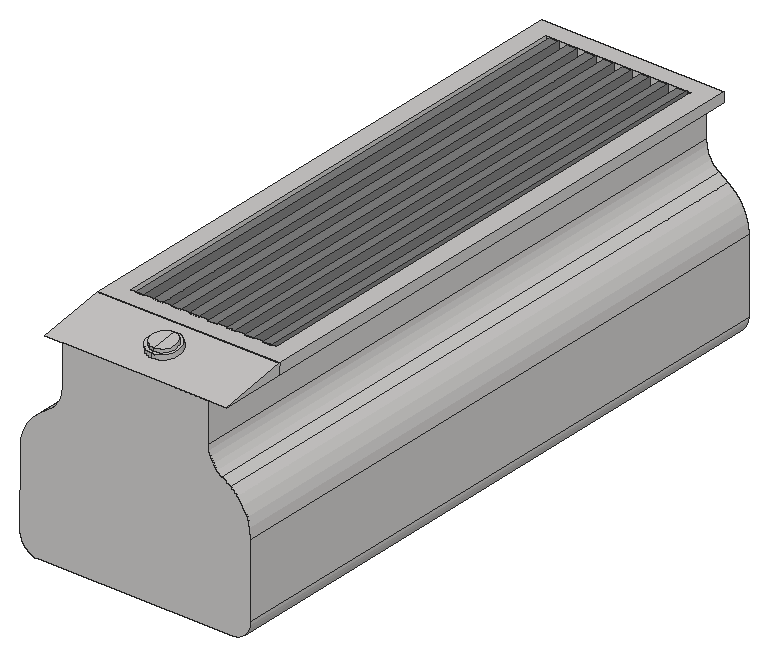
Revit family "VL200120", category Generic Models, Revit 2014
Parameters (values of type "VL200120")
  Width = 150 mm
  URL = "http://www.gaggenau.com."
  Model = "VL200120"
  Manufacturer = "Gaggenau"
  Height = 175 mm
  Unit = Metal Panel
  Grill = Black
  Description = "Gaggenau Vario 200 Series Downdraft"
  Depth = 512 mm
Reference planes
  plane 1 "Center (Front/Back)": y = 0
  plane 2: z = 0
  plane 3 "Center (Left/Right)": x = 0
  plane 4: x = -75
  plane 5: x = 75
  plane 6: y = 256
  plane 7: y = -256
  plane 8: z = 175
  plane 9: z = 32
  plane 10: z = 166.5
Forms (mm)
  Extrusion 1, solid, material "Metal Panel" <- "Unit"
    sketch origin (0, 0, 0) x (1, 0, 0) y (0, 1, 0)
      loop
        line (-75, 256) -> (-75, -201) -> (75, -201) -> (75, 256) -> (-75, 256)
      loop
        line (-60, 241) -> (-60, -186) -> (60, -186) -> (60, 241) -> (-60, 241)
    from 166.5 to 175
  Extrusion 2, solid, material "Metal Panel" <- "Unit"
    sketch origin (0, 0, 0) x (1, 0, 0) y (0, 0, 1)
      loop
        line (-60, 166.5) -> (-60, 134.514)
        arc (-60, 134.514) -> (-62.825, 122.97) -> (-70.661, 114.035) r 25
        line (-70.661, 114.035) -> (-77.996, 108.899)
        arc (-77.996, 108.899) -> (-90.534, 94.603) -> (-95.053, 76.133) r 40
        line (-95.053, 76.133) -> (-95.053, 15)
        arc (-95.053, 15) -> (-90.66, 4.393) -> (-80.053, 0) r 15
        line (-80.053, 0) -> (80.053, 0)
        arc (80.053, 0) -> (90.66, 4.393) -> (95.053, 15) r 15
        line (95.053, 15) -> (95.053, 76.133)
        arc (95.053, 76.133) -> (90.534, 94.603) -> (77.996, 108.899) r 40
        line (77.996, 108.899) -> (70.661, 114.035)
        arc (70.661, 114.035) -> (62.825, 122.97) -> (60, 134.514) r 25
        line (60, 134.514) -> (60, 166.5) -> (-60, 166.5)
    from -256 to 256
  Extrusion 3, solid, material "Black" <- "Grill"
    sketch origin (0, 0, 0) x (1, 0, 0) y (0, 1, 0)
      loop
        line (-56.25, 241) -> (-56.25, -186) -> (-48.946, -186) -> (-48.946, 241) -> (-56.25, 241)
      loop
        line (-41.25, 241) -> (-41.25, -186) -> (-33.946, -186) -> (-33.946, 241) -> (-41.25, 241)
      loop
        line (-26.25, 241) -> (-26.25, -186) -> (-18.946, -186) -> (-18.946, 241) -> (-26.25, 241)
      loop
        line (-11.25, 241) -> (-11.25, -186) -> (-3.946, -186) -> (-3.946, 241) -> (-11.25, 241)
      loop
        line (3.75, 241) -> (3.75, -186) -> (11.054, -186) -> (11.054, 241) -> (3.75, 241)
      loop
        line (18.75, 241) -> (18.75, -186) -> (26.054, -186) -> (26.054, 241) -> (18.75, 241)
      loop
        line (33.75, 241) -> (33.75, -186) -> (41.054, -186) -> (41.054, 241) -> (33.75, 241)
      loop
        line (48.75, 241) -> (48.75, -186) -> (56.054, -186) -> (56.054, 241) -> (48.75, 241)
    from 166.5 to 175
  Extrusion 4, solid, material "Metal Panel" <- "Unit"
    sketch origin (0, 0, 0) x (0, 1, 0) y (0, 0, 1)
      loop
        line (-201, 175) -> (-256, 166.5) -> (-201, 166.5) -> (-201, 175)
    from -75 to 75
  Revolve 5, solid, material "Metal Panel" <- "Unit"
    sketch origin (0, 0, 0) x (0, 1, 0) y (0, 0, 1)
      loop
        line (-226.181, 171.108) -> (-213.328, 173.095) -> (-213.917, 176.905) -> (-216.626, 176.487) -> (-217.001, 178.917) -> (-227.146, 177.349) -> (-226.181, 171.108)
      axis (-227.146, 177.349) -> (-226.181, 171.108)
    angle from 0 to 360
Dimensions and locks
  equal spacing: plane 4, plane 3 "Center (Left/Right)", plane 5
  equal spacing: plane 6, plane 1 "Center (Front/Back)", plane 7
  "Width": plane 4 to plane 5
  "Depth": plane 6 to plane 7
  "Height": plane 8 to plane 2
  plane 9 to plane 2 = 32 mm
  aligned and locked: level to plane 2
Automatic sketch dimensions
  Extrusion 1 sketch curve to plane 4 = 0 mm
  Extrusion 1 sketch curve to plane 5 = 0 mm
  Extrusion 1 sketch curve to plane 7 = 55 mm
  Extrusion 1 sketch curve to plane 6 = 0 mm
  plane 4 to Extrusion 1 sketch curve = 15 mm
  plane 5 to Extrusion 1 sketch curve = 15 mm
  Extrusion 1 sketch curve to plane 7 = 70 mm
  Extrusion 1 sketch curve to plane 6 = 15 mm
  Extrusion 2 sketch curve to level = 0 mm
  Extrusion 2 sketch curve to plane 10 = 0 mm
  Extrusion 2 sketch curve to plane 4 = 20.053 mm
  Extrusion 2 sketch curve to plane 4 = 10 mm
  Extrusion 2 sketch curve to plane 4 = 5.053 mm
  Extrusion 2 sketch curve to plane 4 = 2.996 mm
  plane 4 to Extrusion 2 sketch curve = 4.339 mm
  plane 4 to Extrusion 2 sketch curve = 15 mm
  plane 4 to Extrusion 2 sketch curve = 19.947 mm
  plane 5 to Extrusion 2 sketch curve = 19.947 mm
  plane 5 to Extrusion 2 sketch curve = 15 mm
  plane 5 to Extrusion 2 sketch curve = 4.339 mm
  Extrusion 2 sketch curve to plane 5 = 2.996 mm
  Extrusion 2 sketch curve to plane 5 = 5.053 mm
  Extrusion 2 sketch curve to plane 5 = 10 mm
  Extrusion 2 sketch curve to plane 5 = 20.053 mm
  plane 9 to Extrusion 2 sketch curve = 44.133 mm  (x2)
  Extrusion 2 sketch curve to Extrusion 2 sketch curve = 5.137 mm  (x2)
  plane 3 "Center (Left/Right)" to Extrusion 3 sketch curve = 3.75 mm
  Extrusion 3 sketch curve to plane 3 "Center (Left/Right)" = 3.946 mm
  Extrusion 3 sketch curve to Extrusion 3 sketch curve = 7.304 mm  (x8)
  Extrusion 3 sketch curve to Extrusion 3 sketch curve = 7.696 mm  (x6)
  Extrusion 3 sketch curve to plane 7 = 70 mm  (x3)
  Extrusion 3 sketch curve to Extrusion 3 sketch curve = 0 mm  (x12)
  Extrusion 3 sketch curve to plane 6 = 15 mm
  Extrusion 4 sketch curve to plane 7 = 0 mm
  Extrusion 4 sketch curve to plane 10 = 0 mm
  Extrusion 4 sketch curve to plane 8 = 0 mm
  Extrusion 4 sketch curve to plane 7 = 55 mm
  plane 8 to Revolve 5 sketch curve = 2.349 mm
  Revolve 5 sketch curve to plane 7 = 28.854 mm
  Revolve 5 sketch curve to Revolve 5 sketch curve = 0.965 mm
  Revolve 5 sketch curve to plane 8 = 0.771 mm
  Revolve 5 sketch curve to Revolve 5 sketch curve = 0.482 mm
  Revolve 5 sketch curve to plane 8 = 3.892 mm
  Revolve 5 sketch curve to Revolve 5 sketch curve = 0 mm
  plane 8 to Revolve 5 sketch curve = 1.487 mm
  Revolve 5 sketch curve to Revolve 5 sketch curve = 0.376 mm
  Revolve 5 sketch curve to plane 8 = 1.905 mm
  plane 8 to Revolve 5 sketch curve = 1.905 mm
